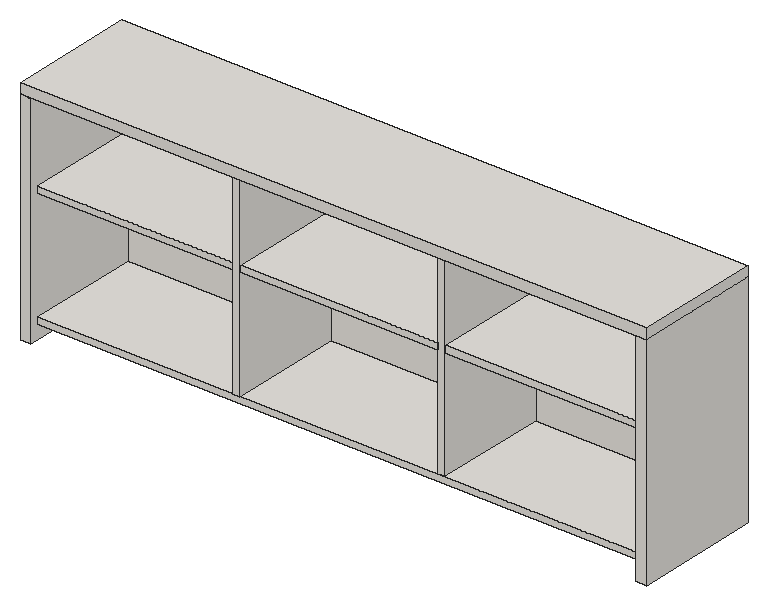
Revit family "Haworth_ASeries_Credenza_2High", category Furniture Systems, Revit 2018
Family settings
  Round Connector Dimension = Use Diameter
  Part Type = Normal
  OmniClass Number = 23.40.70.14.64.21
  OmniClass Title = Systems Furniture
  Work Plane-Based = No
  Always vertical = Yes
  Cut with Voids When Loaded = No
  Shared = No
  Room Calculation Point = No
Parameters (values of type "72w - Open")
  Width = 72"
  Warranty = "http://www.haworth.com/resources/product-info/warranties"
  URL - Product = "https://www.haworth.com/na/en/products/active-storage/a-series.html"
  URL = "www.haworth.com"
  Top Finish = Haworth _ Laminate _ Linen H-WL
  Toe Kick Height = if(Toe Kick Base, 0", 1 3/4")  # 1 3/4"
  Toe Kick Base = no
  Taper Pull = no
  Sustainability Info = "https://www.haworth.com/na/en/expertise/sustainability.html"
  Storage Back = no
  Standard Base = not(Toe Kick Base)  # yes
  Size = "Verify Final Dim. w/ Haworth"  # constant formula
  Shelf Offset = if(Right Panel, 3/4", 1/16")  # 3/4"
  Shelf Finish = Haworth _ Laminate _ Linen H-WL
  Right Shelf Length = Actual Width / 2 - 12 1/8"  # 23 7/8"
  Right Panel = Actual Width > 48"  # yes
  Revision Number = "2"  # constant formula
  Radius Pull = no
  Pull Finish = Haworth _ Metal _ Brushed Aluminum
  Panel Thickness = 1 1/4"  # constant formula
  Panel Center Offset = 12 1/8"  # constant formula
  Open = not(Drawer and Doors)  # yes
  Model = "GCWN"  # constant formula
  Min. Width = 48"  # constant formula
  Middle Shelf Height = if(Drawer and Doors, 16 3/4", 12 3/4")  # 12 3/4"
  Metal Offset = 1/16"  # constant formula
  Max. Width = 72"  # constant formula
  Min. Height = 26 1/2"  # constant formula
  Max. Height = 26 1/2"  # constant formula
  Manufacturer = "Haworth"  # constant formula
  Linear Pull = no
  J Pull = no
  Full Back = not(Storage Back)  # yes
  Front Finish = Haworth _ Laminate _ Linen H-WL
  End Shelf Height = 12 3/4"  # constant formula
  Ellipse Pull = no
  Drawer and Doors = no
  Drawer Width = 24"  # constant formula
  Drawer Height = 6"  # constant formula
  Door Width = 11 15/16"  # constant formula
  Door Offset = 2"  # constant formula
  Door Height = 17 3/16"  # constant formula
  Door Center = if(Actual Width = 48", 13 3/8", Actual Width / 2)  # 36"
  Description = "Haworth - ASeries Credenza - 2-High"  # constant formula
  Custom Size = not(or(Width = 48", Width = 60", Width = 72"))  # no
  Crescent Pull = no
  Classic Pull = not(or(Taper Pull, Radius Pull, Linear Pull, J Pull, Crescent Pull, Ellipse Pull))  # yes
  Base Height = 2 1/2"  # constant formula
  Author = "Haworth (Hampton)"  # constant formula
  Assembly Code = "E2020200"
  Actual Width = if(Width < Min. Width, Min. Width, if(Width > Max. Width, Max. Width, Width))  # 72"
  Actual Height = 26 1/2"  # constant formula
  Min/Max Widths = "48-72 in."  # constant formula
  Actual Depth = 14 5/8"  # constant formula
Types (6): name | Width | Shelf Offset | Right Shelf Length | Right Panel | Open | Middle Shelf Height | Drawer and Doors | Door Center | Actual Width
  72w - Drawer and Doors | 72" | 3/4" | 23 7/8" | yes | no | 16 3/4" | yes | 36" | 72"
  72w - Open | 72" | 3/4" | 23 7/8" | yes | yes | 12 3/4" | no | 36" | 72"
  60w - Drawer and Doors | 60" | 3/4" | 17 7/8" | yes | no | 16 3/4" | yes | 30" | 60"
  60w - Open | 60" | 3/4" | 17 7/8" | yes | yes | 12 3/4" | no | 30" | 60"
  48w - Drawer and Doors | 48" | 1/16" | 11 7/8" | no | no | 16 3/4" | yes | 13 3/8" | 48"
  48w - Open | 48" | 1/16" | 11 7/8" | no | yes | 12 3/4" | no | 13 3/8" | 48"
Reference planes (in)
  plane 1 "Back": y = 0
  plane 2: z = 0
  plane 3 "Center L/R": x = -17.3125
  plane 4 "Left": x = -53.3125
  plane 5 "Right": x = 18.6875
  plane 6 "Back of Drawer": y = -13.875
  plane 7 "Front": y = -14.625
  plane 8 "Top": z = 26.5
  plane 9 "Bottom of Top": z = 25.3125
  plane 10 "Left Leg Inside": x = -52.0625
  plane 11 "Interior Right": x = 17.4375
  plane 12 "Bottom Shelf": z = 15.25
  plane 13 "Top Shelf": z = 16
  plane 14 "Back Interior": y = -0.75
  plane 15 "Bottom Interior": z = 2.5
  plane 16 "Right Inside Interior": x = -5.1875
  plane 17 "Right Inside Exterior": x = -5.9375
  plane 18 "Left Inside Exterior": x = -28.6875
  plane 19 "Left Inside Interior": x = -29.4375
  plane 20 "Drawer Center": x = -17.3125
  plane 21 "Center F/B": y = -7.3125
  plane 22 "Toe Kick Bottom": z = 1.75
  plane 23 "Toe Kick Front": z = 1.75
  plane 24 "Offset 1": y = -13.8125
  plane 25 "Offset 2": z = 2.4375
  plane 26 "Offset 3": y = -0.8125
  plane 27 "Door Bottom": z = 2
  plane 28 "Door Offset Left": x = -17.375
  plane 29 "Door Offset Right": x = -17.25
  plane 30 "Shelf Bottom": z = 15.25
  plane 31 "Shelf Top": z = 16
  plane 32 "Shelf Left": x = -5.1875
Forms (in)
  Extrusion 1, solid, material "Haworth _ Laminate _ Linen H-WL" <- "Shelf Finish", visible <- "Full Back"
    sketch origin (114.68227, -6.06265, 0) x (1, 0, 0) y (0, 1, 0)
      loop
        line (-166.74477, 6.06265) -> (-166.74477, 5.31265) -> (-97.24477, 5.31265) -> (-97.24477, 6.06265) -> (-166.74477, 6.06265)
    from 1.75 to 25.3125
  Extrusion 2, solid, material "Haworth _ Laminate _ Linen H-WL" <- "Top Finish"
    sketch origin (0, 0, 0) x (1, 0, 0) y (0, 1, 0)
      loop
        line (-53.3125, 0) -> (-53.3125, -14.625) -> (18.6875, -14.625) -> (18.6875, 0) -> (-53.3125, 0)
    from 25.3125 to 26.5
  Extrusion 3, solid, material "Haworth _ Laminate _ Linen H-WL" <- "Top Finish"
    sketch origin (114.68227, -6.06265, 0) x (1, 0, 0) y (0, 1, 0)
      loop
        line (-167.99477, -8.56235) -> (-166.74477, -8.56235) -> (-166.74477, 6.06265) -> (-167.99477, 6.06265) -> (-167.99477, -8.56235)
      loop
        line (-95.99477, 6.06265) -> (-97.24477, 6.06265) -> (-97.24477, -8.56235) -> (-95.99477, -8.56235) -> (-95.99477, 6.06265)
    from 0 to 25.3125
  Extrusion 4, solid, material "Haworth _ Laminate _ Linen H-WL" <- "Shelf Finish"
    sketch origin (127.68227, -6.06265, 0) x (1, 0, 0) y (0, 1, 0)
      loop
        line (-156.36977, 5.31265) -> (-157.11977, 5.31265) -> (-157.11977, -7.81235) -> (-156.36977, -7.81235) -> (-156.36977, 5.31265)
    from 2.5 to 25.3125
  Extrusion 5, solid, material "Haworth _ Laminate _ Linen H-WL" <- "Shelf Finish"
    sketch origin (-17.3125, 0, 0) x (0, 1, 0) y (0, 0, 1)
      loop
        line (-13.875, 2.5) -> (-13.875, 1.75) -> (-13.8125, 1.75) -> (-13.8125, 2.4375) -> (-0.8125, 2.4375) -> (-0.8125, 1.75) -> (-0.75, 1.75) -> (-0.75, 2.5) -> (-13.875, 2.5)
    from -34.75 to 34.75
  Extrusion 6, solid, material "Haworth _ Laminate _ Linen H-WL" <- "Shelf Finish", visible <- "Storage Back"
    sketch origin (153.80817, 2.25382, 0) x (1, 0, 0) y (0, 1, 0)
      loop
        line (-183.24567, -2.25382) -> (-183.24567, -3.00382) -> (-158.99567, -3.00382) -> (-158.99567, -2.25382) -> (-183.24567, -2.25382)
    from 1.75 to 25.3125
  Extrusion 7, solid, material "Haworth _ Laminate _ Linen H-WL" <- "Shelf Finish", visible <- "Right Panel"
    sketch origin (0, 0, 0) x (1, 0, 0) y (0, 1, 0)
      loop
        line (-5.9375, -0.75) -> (-5.9375, -13.8125) -> (-5.1875, -13.8125) -> (-5.1875, -0.75) -> (-5.9375, -0.75)
    from 2.5 to 25.3125
  Extrusion 8, solid, material "Haworth _ Laminate _ Linen H-WL" <- "Shelf Finish"
    sketch origin (0, 0, 0) x (1, 0, 0) y (0, 1, 0)
      loop
        line (-28.6875, -0.75) -> (-28.6875, -13.8125) -> (-5.9375, -13.8125) -> (-5.9375, -0.75) -> (-28.6875, -0.75)
    from 15.25 to 16
  Extrusion 9, solid, material "Haworth _ Laminate _ Linen H-WL" <- "Shelf Finish"
    sketch origin (0, 0, 0) x (1, 0, 0) y (0, 1, 0)
      loop
        line (-52.0625, -0.75) -> (-52.0625, -13.8125) -> (-29.4375, -13.8125) -> (-29.4375, -0.75) -> (-52.0625, -0.75)
    from 15.25 to 16
  Extrusion 10, solid, material "Haworth _ Laminate _ Linen H-WL" <- "Shelf Finish", visible <- "Right Panel"
    sketch origin (0, 0, 0) x (1, 0, 0) y (0, 1, 0)
      loop
        line (-5.1875, -0.75) -> (-5.1875, -13.8125) -> (17.4375, -13.8125) -> (17.4375, -0.75) -> (-5.1875, -0.75)
    from 15.25 to 16
Lines and regions (in)
  Masking region 1
    outline origin (0, 0, 0) x (1, 0, 0) y (0, 1, 0)
      loop
        line (-53.3125, 0) -> (-53.3125, -14.625) -> (18.6875, -14.625) -> (18.6875, 0) -> (-53.3125, 0)
  symbolic lines, style "Haworth Hidden", detail levels fine
    curve 1: line (-52.0625, 0, 0) -> (-52.0625, -14.625, 0)
    curve 2: line (17.4375, -14.625, 0) -> (17.4375, 0, 0)
    curve 3: line (17.4375, -0.8125, 0) -> (-52.0625, -0.8125, 0)
    curve 4: line (-29.4375, -0.8125, 0) -> (-29.4375, -14.625, 0)
    curve 5: line (-28.6875, -0.8125, 0) -> (-28.6875, -14.625, 0)
  symbolic lines, style "Haworth Hidden", visible <- "Right Panel", detail levels fine
    curve 6: line (-5.9375, -0.8125, 0) -> (-5.9375, -14.625, 0)
    curve 7: line (-5.1875, -0.8125, 0) -> (-5.1875, -14.625, 0)
Dimensions and locks (in)
  locked: plane 6 "Back of Drawer" to plane 7 "Front" at 0.75
  "Actual Depth": plane 1 "Back" to plane 7 "Front"
  "Actual Width": plane 4 "Left" to plane 5 "Right"
  locked: plane 8 "Top" to plane 9 "Bottom of Top" at 1.1875
  equal spacing: plane 4 "Left", plane 3 "Center L/R", plane 5 "Right"
  "Actual Height": plane 8 "Top" to level
  "Panel Thickness": plane 10 "Left Leg Inside" to plane 4 "Left"
  "Panel Thickness": plane 5 "Right" to plane 11 "Interior Right"
  locked: plane 13 "Top Shelf" to plane 12 "Bottom Shelf" at 0.75
  plane 14 "Back Interior" to plane 1 "Back" = 3/4"
  "Middle Shelf Height": plane 12 "Bottom Shelf" to plane 15 "Bottom Interior"
  locked: plane 18 "Left Inside Exterior" to plane 19 "Left Inside Interior" at 0.75
  "Shelf Offset": plane 16 "Right Inside Interior" to plane 17 "Right Inside Exterior"
  "Door Center": plane 5 "Right" to plane 20 "Drawer Center"
  equal spacing: plane 1 "Back", plane 21 "Center F/B", plane 7 "Front"
  plane 22 "Toe Kick Bottom" to level = 1 3/4"
  "Toe Kick Height": plane 23 "Toe Kick Front" to level
  "Metal Offset": plane 6 "Back of Drawer" to plane 24 "Offset 1"
  "Metal Offset": plane 15 "Bottom Interior" to plane 25 "Offset 2"
  "Metal Offset": plane 26 "Offset 3" to plane 14 "Back Interior"
  "Base Height": plane 15 "Bottom Interior" to level
  "Door Offset": plane 27 "Door Bottom" to level
  "Metal Offset": plane 20 "Drawer Center" to plane 28 "Door Offset Left"
  "Metal Offset": plane 29 "Door Offset Right" to plane 20 "Drawer Center"
  "Panel Center Offset": plane 20 "Drawer Center" to plane 19 "Left Inside Interior"
  "Panel Center Offset": plane 16 "Right Inside Interior" to plane 20 "Drawer Center"
  "End Shelf Height": plane 30 "Shelf Bottom" to plane 15 "Bottom Interior"
  locked: plane 31 "Shelf Top" to plane 30 "Shelf Bottom" at 0.75
  "Panel Center Offset": plane 32 "Shelf Left" to plane 3 "Center L/R"
  aligned and locked: plane 1 "Back" to Extrusion 1 sketch curve
  aligned: Extrusion 1 to plane 4 "Left"
  aligned: Extrusion 1 to plane 5 "Right"
  aligned and locked: plane 9 "Bottom of Top" to Extrusion 1
  aligned and locked: plane 4 "Left" to Extrusion 2 sketch curve
  aligned and locked: plane 1 "Back" to Extrusion 2 sketch curve
  aligned and locked: plane 5 "Right" to Extrusion 2 sketch curve
  aligned and locked: plane 7 "Front" to Extrusion 2 sketch curve
  aligned and locked: plane 8 "Top" to Extrusion 2
  aligned and locked: Extrusion 2 to plane 9 "Bottom of Top"
  aligned and locked: level to plane 2
  aligned and locked: Extrusion 1 sketch curve to plane 10 "Left Leg Inside"
  aligned and locked: Extrusion 1 sketch curve to plane 11 "Interior Right"
  aligned and locked: Extrusion 3 sketch curve to plane 1 "Back"
  aligned and locked: Extrusion 3 sketch curve to plane 7 "Front"  (x2)
  aligned and locked: Extrusion 3 sketch curve to plane 10 "Left Leg Inside"
  aligned and locked: Extrusion 3 sketch curve to plane 11 "Interior Right"
  aligned and locked: Extrusion 3 to level
  aligned: nested 1 to plane 7 "Front"
  aligned: plane 17 "Right Inside Exterior" to nested 1
  aligned and locked: nested 1 to plane 6 "Back of Drawer"
  aligned and locked: plane 9 "Bottom of Top" to nested 1
  aligned: plane 11 "Interior Right" to nested 2
  aligned: plane 17 "Right Inside Exterior" to nested 3
  aligned and locked: nested 3 to plane 6 "Back of Drawer"
  aligned and locked: Extrusion 4 to plane 19 "Left Inside Interior"
  aligned and locked: plane 18 "Left Inside Exterior" to Extrusion 4
  aligned: plane 3 "Center L/R" to nested 1
  aligned: plane 3 "Center L/R" to nested 3
  aligned: plane 3 "Center L/R" to nested 2
  aligned and locked: plane 20 "Drawer Center" to nested 1
  aligned and locked: Extrusion 5 sketch curve to plane 23 "Toe Kick Front"
  aligned and locked: Extrusion 5 sketch curve to plane 22 "Toe Kick Bottom"
  aligned and locked: Extrusion 5 sketch curve to plane 26 "Offset 3"
  aligned and locked: Extrusion 5 sketch curve to plane 14 "Back Interior"
  aligned and locked: Extrusion 5 sketch curve to plane 25 "Offset 2"
  aligned and locked: plane 15 "Bottom Interior" to Extrusion 5 sketch curve
  aligned and locked: Extrusion 5 sketch curve to plane 24 "Offset 1"
  aligned and locked: Extrusion 5 sketch curve to plane 6 "Back of Drawer"
  aligned and locked: Extrusion 5 to plane 10 "Left Leg Inside"
  aligned and locked: plane 11 "Interior Right" to Extrusion 5
  aligned and locked: plane 28 "Door Offset Left" to nested 3
  aligned and locked: nested 2 to plane 29 "Door Offset Right"
  aligned and locked: nested 2 to plane 27 "Door Bottom"
  aligned and locked: Extrusion 1 to plane 22 "Toe Kick Bottom"
  aligned and locked: plane 14 "Back Interior" to Extrusion 6
  aligned and locked: Extrusion 6 to plane 1 "Back"
  aligned and locked: Extrusion 6 to plane 19 "Left Inside Interior"
  aligned and locked: Extrusion 7 sketch curve to plane 24 "Offset 1"
  aligned and locked: plane 14 "Back Interior" to Extrusion 7 sketch curve
  aligned and locked: Extrusion 7 sketch curve to plane 16 "Right Inside Interior"
  aligned and locked: plane 17 "Right Inside Exterior" to Extrusion 7 sketch curve
  aligned and locked: plane 9 "Bottom of Top" to Extrusion 7
  aligned and locked: Extrusion 7 to plane 15 "Bottom Interior"
  aligned and locked: plane 16 "Right Inside Interior" to Extrusion 6
  aligned and locked: plane 18 "Left Inside Exterior" to Extrusion 8 sketch curve
  aligned and locked: Extrusion 8 sketch curve to plane 17 "Right Inside Exterior"
  aligned and locked: plane 14 "Back Interior" to Extrusion 8 sketch curve
  aligned and locked: Extrusion 8 sketch curve to plane 24 "Offset 1"
  aligned and locked: Extrusion 8 to plane 13 "Top Shelf"
  aligned and locked: plane 12 "Bottom Shelf" to Extrusion 8
  aligned and locked: plane 10 "Left Leg Inside" to Extrusion 9 sketch curve
  aligned and locked: Extrusion 9 sketch curve to plane 19 "Left Inside Interior"
  aligned and locked: Extrusion 9 sketch curve to plane 24 "Offset 1"
  aligned and locked: plane 14 "Back Interior" to Extrusion 9 sketch curve
  aligned and locked: nested 2 to Extrusion 9
  aligned and locked: Extrusion 9 to plane 30 "Shelf Bottom"
  aligned and locked: Extrusion 10 sketch curve to plane 32 "Shelf Left"
  aligned and locked: Extrusion 10 sketch curve to plane 11 "Interior Right"
  aligned and locked: Extrusion 10 sketch curve to plane 24 "Offset 1"
  aligned and locked: plane 14 "Back Interior" to Extrusion 10 sketch curve
  aligned and locked: Extrusion 10 to nested 2
  aligned and locked: Extrusion 10 to plane 30 "Shelf Bottom"
  aligned and locked: Extrusion 3 to plane 4 "Left"
  aligned and locked: Extrusion 3 to plane 5 "Right"
  aligned and locked: Extrusion 1 to Extrusion 6  (x2)
Automatic sketch dimensions
  plane 14 "Back Interior" to Extrusion 1 sketch curve = 0"
  Extrusion 3 sketch curve to plane 4 "Left" = 0"
  Extrusion 3 sketch curve to plane 5 "Right" = 0"
  plane 1 "Back" to Extrusion 3 sketch curve = 0"
  Extrusion 4 sketch curve to plane 6 "Back of Drawer" = 0"
  Extrusion 4 sketch curve to plane 19 "Left Inside Interior" = 0"
  Extrusion 4 sketch curve to plane 18 "Left Inside Exterior" = 0"
  plane 14 "Back Interior" to Extrusion 4 sketch curve = 0"
  plane 29 "Door Offset Right" to Extrusion 6 sketch curve = 12 3/16"
  plane 1 "Back" to Extrusion 6 sketch curve = 3/4"
  plane 5 "Right" to Extrusion 6 sketch curve = 23 7/8"
  Extrusion 6 sketch curve to Extrusion 6 sketch curve = 3/4"
  curve 1 to plane 7 "Front" = 0"
  curve 1 to plane 10 "Left Leg Inside" = 0"
  curve 4 to plane 19 "Left Inside Interior" = 0"
  curve 5 to plane 18 "Left Inside Exterior" = 0"
  curve 6 to plane 7 "Front" = 0"
  curve 6 to plane 17 "Right Inside Exterior" = 0"
  curve 7 to plane 7 "Front" = 0"
  curve 7 to plane 16 "Right Inside Interior" = 0"
  plane 1 "Back" to curve 2 = 0"
  curve 2 to plane 11 "Interior Right" = 0"
  curve 4 to plane 7 "Front" = 0"
  plane 7 "Front" to curve 2 = 0"
  curve 5 to plane 7 "Front" = 0"
  curve 7 to plane 26 "Offset 3" = 0"
  plane 1 "Back" to curve 1 = 0"
  Masking region 1 sketch curve to plane 4 "Left" = 0"
  Masking region 1 sketch curve to plane 5 "Right" = 0"
  Masking region 1 sketch curve to plane 7 "Front" = 0"
  plane 1 "Back" to Masking region 1 sketch curve = 0"
Nested families (in)
  nested 1: "Haworth_Drawer" at (-17.3125, -13.875, 19.3125), Drawer Height <- "Drawer Height", visible <- "Drawer and Doors", type "Haworth_Drawer"
    with J Pull Drawer no, Drawer Height 6", Drawer Width 24"
  nested 2: "Haworth_Door-Panel_Swing" at (-12.46145, -14.21976, 2), visible <- "Drawer and Doors", type "Door"
  nested 3: "Haworth_Door-Panel_Swing" at (-22.16355, -14.21976, 2) x (-1, 0, 0) z (0, 0, 1), visible <- "Drawer and Doors", type "Door"
Definition of nested family "Haworth_Drawer"
  Parameters
    Pull Taper = no
    Pull Radius = no
    Pull Patterns = no
    Pull Linear = no
    Pull Height = if(Pull Ellipse, 11/64", if(Pull Radius, 1 3/16", if(Pull Taper, 3/4", 1 7/16")))  # 1 7/16"
    Pull Finish = none
    Pull Ellipse = no
    Pull Crescent = no
    Pull Classic = yes
    J Pull Drawer [instance] = J Pull  # no
    J Pull = no
    Integral Pull Location = if(Integral Pull, 3 5/8", 1")  # 1"
    Integral Pull = no
    Front Finish = none
    Drawer Width = 36"
    Flush Drawer = not(J Pull)  # yes
    Drawer Height [instance] = 12"
    Drawer Finish = none
    Assembly Code = ""
  Reference planes (in)
    plane 1 "Drawer Back": y = 0
    plane 2: z = 0
    plane 3 "Center L/R": x = 0
    plane 4 "Drawer Front": y = -0.75
    plane 5 "Left": x = -18
    plane 6 "Right": x = 18
    plane 7 "Top": z = 12
    plane 8: y = -4
    plane 9: y = -3
    plane 10 "Integral Top": z = 10.28125
    plane 11 "Pull Location": z = 10.5625
    plane 12 "Integral Bottom": z = 10.84375
  Forms (in)
    Extrusion 1, solid, material <- "Drawer Finish", visible <- "J Pull Drawer"
      sketch origin (-18, 0, 0) x (0, 1, 0) y (0, 0, 1)
        loop
          line (0, 12) -> (-0.25, 12) -> (-0.25, 11.4375) -> (-0.75, 11.4375) -> (-0.75, 0) -> (0, 0) -> (0, 12)
      from 0 to 36
    Extrusion 2, solid, material <- "Drawer Finish", visible <- "Flush Drawer"
      sketch origin (-18, 0, 2.25) x (0, 1, 0) y (0, 0, 1)
        loop
          line (0, 9.75) -> (-0.75, 9.75) -> (-0.75, -2.25) -> (0, -2.25) -> (0, 9.75)
      from 0 to 36
    Extrusion 3, void
      sketch origin (0, -0.75, 0) x (-1, 0, 0) y (0, 0, 1)
        loop
          line (4, 10.28125) -> (4, 10.84375) -> (-4, 10.84375) -> (-4, 10.28125) -> (4, 10.28125)
      from -3.25 to -2.25
  Cuts and joins
    Extrusion 3 cuts Extrusion 1
    Extrusion 3 cuts Extrusion 2
  Lines and regions (in)
    symbolic lines, detail levels medium+fine
      curve 1: line (-3.375, -2, 0) -> (3.375, -2, 0)
  Dimensions and locks (in)
    equal spacing: plane 5 "Left", plane 3 "Center L/R", plane 6 "Right"
    "Drawer Width": plane 5 "Left" to plane 6 "Right"
    locked: plane 1 "Drawer Back" to plane 4 "Drawer Front" at 0.75
    "Drawer Height": plane 7 "Top" to level
    locked: plane 8 to plane 1 "Drawer Back" at 4
    "Integral Pull Location": plane 8 to plane 9
    equal spacing: Extrusion 3 sketch curve, plane 3 "Center L/R", Extrusion 3 sketch curve
    locked: Extrusion 3 sketch curve to Extrusion 3 sketch curve at 8
    "Pull Height": plane 7 "Top" to plane 11 "Pull Location"
    equal spacing: plane 12 "Integral Bottom", plane 11 "Pull Location", plane 10 "Integral Top"
    locked: plane 12 "Integral Bottom" to plane 10 "Integral Top" at 0.5625
    aligned and locked: Extrusion 1 sketch curve to plane 1 "Drawer Back"
    aligned and locked: Extrusion 1 sketch curve to plane 2
    aligned and locked: Extrusion 1 sketch curve to plane 4 "Drawer Front"
    aligned and locked: Extrusion 1 to plane 6 "Right"
    aligned and locked: Extrusion 2 to plane 6 "Right"
    aligned and locked: plane 1 "Drawer Back" to Extrusion 2 sketch curve
    aligned and locked: plane 7 "Top" to Extrusion 2 sketch curve
    aligned and locked: level to Extrusion 2 sketch curve
    aligned and locked: Extrusion 2 sketch curve to plane 4 "Drawer Front"
    aligned: plane 7 "Top" to nested 1
    aligned: Extrusion 3 to plane 8
    aligned: plane 9 to Extrusion 3
    aligned and locked: nested 1 to plane 4 "Drawer Front"
    aligned and locked: plane 12 "Integral Bottom" to Extrusion 3 sketch curve
    aligned and locked: nested 1 to plane 11 "Pull Location"
    aligned and locked: plane 3 "Center L/R" to nested 1
    aligned and locked: plane 9 to Extrusion 3
  Automatic sketch dimensions
    Extrusion 1 sketch curve to plane 7 "Top" = 0"
    plane 1 "Drawer Back" to Extrusion 1 sketch curve = 1/4"
    Extrusion 1 sketch curve to Extrusion 1 sketch curve = 9/16"
    Extrusion 3 sketch curve to plane 10 "Integral Top" = 0"
    plane 9 to curve 1 = 1"
    curve 1 to plane 3 "Center L/R" = 3 3/8"
    plane 3 "Center L/R" to curve 1 = 3 3/8"
  Nested families (in)
    nested 1: "Haworth_Drawer-Pulls" at (0, -0.75, 10.5625), type "Pull", detail levels medium+fine
      with Linear no, Classic yes
  Definition of nested family "Haworth_Drawer-Pulls"
    Parameters
      Taper = no
      Radius = no
      Patterns = no
      Linear = yes
      Handle Finish = none
      Ellipse = no
      Cresent = no
      Classic = no
      Assembly Code = ""
    Reference planes (in)
      plane 1 "Center Front/Back": y = 0
      plane 2: z = 0
      plane 3 "Center Left/Right": x = 0
    Forms (in)
      Extrusion 1, solid, material <- "Handle Finish", visible <- "Ellipse"
        sketch origin (0, 0, 0.15915) x (0, 1, 0) y (0, 0, 1)
          loop
            arc (-0.03015, 0) -> (-0.26713, -0.02983) -> (-0.49038, -0.11475) r 1.00501
            arc (-0.49038, -0.11475) -> (-0.65216, -0.22112) -> (-0.78985, -0.35725) r 0.97894
            arc (-0.78985, -0.35725) -> (-0.87314, -0.47263) -> (-0.94033, -0.59807) r 1.0667
            arc (-0.94033, -0.59807) -> (-0.90977, -0.66145) -> (-0.84562, -0.63254) r 0.05041
            arc (-0.84562, -0.63254) -> (-0.67669, -0.39049) -> (-0.44702, -0.20509) r 1.04885
            arc (-0.44702, -0.20509) -> (-0.35012, -0.16094) -> (-0.24858, -0.12892) r 0.8735
            arc (-0.24858, -0.12892) -> (-0.16053, -0.15188) -> (-0.11419, -0.23018) r 0.11948
            arc (-0.11419, -0.23018) -> (-0.0664, -0.27738) -> (0, -0.26729) r 0.07488
            line (0, -0.26729) -> (0, -0.05102) -> (-0.03015, 0)
        from -6.51863 to 6.51698
      Extrusion 2, void
        sketch origin (0, 0, 0.15915) x (1, 0, 0) y (0, 1, 0)
          loop
            line (-6.49996, 0) -> (-6.67266, 0) -> (-6.67266, -1.11616) -> (6.67266, -1.11616) -> (6.67266, 0) -> (6.49996, 0)
            arc (6.49996, 0) -> (6.46575, -0.17809) -> (6.37201, -0.33332) r 0.51574
            arc (6.37201, -0.33332) -> (6.23583, -0.44508) -> (6.07096, -0.50713) r 0.54076
            arc (6.07096, -0.50713) -> (4.5721, -0.7479) -> (3.05951, -0.87689) r 20.46435
            arc (3.05951, -0.87689) -> (0, -0.95029) -> (-3.05951, -0.87689) r 63.79827
            arc (-3.05951, -0.87689) -> (-4.5721, -0.7479) -> (-6.07096, -0.50713) r 20.46435
            arc (-6.07096, -0.50713) -> (-6.23583, -0.44508) -> (-6.37201, -0.33332) r 0.54076
            arc (-6.37201, -0.33332) -> (-6.46575, -0.17809) -> (-6.49996, 0) r 0.51574
        from 0 to -0.90865
      Blend 3, solid, material <- "Handle Finish", visible <- "Radius"
        base sketch origin (0, 0, 0.3125) x (0, 1, 0) y (0, 0, -1)
          loop
            line (0, 0) -> (0, 0.625) -> (-0.40339, 0.625)
            arc (-0.40339, 0.625) -> (-0.71589, 0.3125) -> (-0.40339, 0) r 0.3125
            line (-0.40339, 0) -> (0, 0)
        top sketch origin (0, 0, 0.3125) x (0, 1, 0) y (0, 0, -1)
          loop
            line (0, 0) -> (0, 0.625) -> (-0.77884, 0.625)
            arc (-0.77884, 0.625) -> (-1.09134, 0.3125) -> (-0.77884, 0) r 0.3125
            line (-0.77884, 0) -> (0, 0)
        from -4.875 to -3.625
      Sweep 4, solid, material <- "Handle Finish", visible <- "Radius"
        path origin (0, 0, 0) x (1, 0, 0) y (0, 1, 0)
          loop
            arc (-4.875, -0.71589) -> (0, -1.5425) -> (4.875, -0.71589) r 14.78881
        profile origin (0, -1.5425, 0) x (0, 1, 0) y (0, 0, 1)
          loop
            circle (0.3125, 0) r 0.30469
      Extrusion 5, solid, material <- "Handle Finish", visible <- "Taper"
        sketch origin (0, 0, 0.27281) x (0, 1, 0) y (0, 0, 1)
          loop
            line (0, 0) -> (-0.875, 0)
            arc (-0.875, 0) -> (-0.96339, -0.03661) -> (-1, -0.125) r 0.125
            line (-1, -0.125) -> (-1, -0.7) -> (-0.96886, -0.7) -> (-0.96886, -0.1251)
            arc (-0.96886, -0.1251) -> (-0.94137, -0.05874) -> (-0.875, -0.03125) r 0.09386
            line (-0.875, -0.03125) -> (-0.03125, -0.03125) -> (-0.03125, -0.53) -> (0, -0.53) -> (0, 0)
        from -6.5565 to 6.5565
      Extrusion 6, void
        sketch origin (0, 0, 0.27281) x (1, 0, 0) y (0, 0, 1)
          loop
            arc (-5.23353, -0.7191) -> (-5.99714, -0.52453) -> (-6.57454, 0.01172) r 1.59575
            line (-6.57454, 0.01172) -> (-6.85981, 0.01172) -> (-6.85981, -1) -> (6.85981, -1) -> (6.85981, 0.01172) -> (6.57454, 0.01172)
            arc (6.57454, 0.01172) -> (5.99714, -0.52453) -> (5.23353, -0.7191) r 1.59575
            line (5.23353, -0.7191) -> (-5.23353, -0.7191)
        from 0 to 2.20115
      Sweep 7, solid, material <- "Handle Finish", visible <- "Cresent"
        path origin (0, 0, 0.125) x (1, 0, 0) y (0, 1, 0)
          loop
            arc (-3.80272, 0.04) -> (0, -1.24998) -> (3.80273, 0.04) r 6.25
        profile origin (0, -1.24998, 0.125) x (0, 1, 0) y (0, 0, 1)
          loop
            circle (0.125, -0.125) r 0.125
      Extrusion 8, void
        sketch origin (0, 0, 0.125) x (1, 0, 0) y (0, 1, 0)
          loop
            line (-3.94545, 0) -> (3.94399, 0) -> (3.94399, 0.32073) -> (-3.94545, 0.32073) -> (-3.94545, 0)
        from 0.03472 to -0.28458
      Extrusion 9, solid, material <- "Handle Finish", visible <- "Linear"
        sketch origin (0, 0, 0.125) x (1, 0, 0) y (0, 1, 0)
          loop
            line (-4, 0) -> (-4, -1.25) -> (4, -1.25) -> (4, 0) -> (3, 0) -> (3, -1) -> (-3, -1) -> (-3, 0) -> (-4, 0)
        from 0 to -0.25
      Extrusion 10, solid, material <- "Handle Finish", visible <- "Classic"
        sketch origin (0, 0, 0.375) x (1, 0, 0) y (0, 0, 1)
          loop
            line (-3.375, 0) -> (-3.375, -0.75)
            arc (-3.375, -0.75) -> (-3, -0.375) -> (-3.375, 0) r 0.375
        from 0 to 1
      Extrusion 11, solid, material <- "Handle Finish", visible <- "Classic"
        sketch origin (0, 0, 0.375) x (-1, 0, 0) y (0, 0, -1)
          loop
            arc (-3.375, 0) -> (-3, 0.375) -> (-3.375, 0.75) r 0.375
            line (-3.375, 0.75) -> (-3.375, 0)
        from 0 to 1
      Extrusion 12, solid, material <- "Handle Finish", visible <- "Classic"
        sketch origin (0, 0, 0.375) x (1, 0, 0) y (0, 0, 1)
          loop
            line (-3.375, 0) -> (-3.375, -0.75) -> (3.375, -0.75) -> (3.375, 0) -> (-3.375, 0)
        from 1 to 1.25
      Blend 13, solid, material <- "Handle Finish", visible <- "Radius"
        base sketch origin (0, 0, 0.3125) x (0, 1, 0) y (0, 0, 1)
          loop
            line (0, 0) -> (-0.40339, 0)
            arc (-0.40339, 0) -> (-0.71589, -0.3125) -> (-0.40339, -0.625) r 0.3125
            line (-0.40339, -0.625) -> (0, -0.625) -> (0, 0)
        top sketch origin (0, 0, 0.3125) x (0, 1, 0) y (0, 0, 1)
          loop
            line (0, 0) -> (-0.77884, 0)
            arc (-0.77884, 0) -> (-1.09134, -0.3125) -> (-0.77884, -0.625) r 0.3125
            line (-0.77884, -0.625) -> (0, -0.625) -> (0, 0)
        from -4.875 to -3.625
      Extrusion 14, solid, material <- "Handle Finish", visible <- "Patterns"
        sketch origin (0, 0, 0.27281) x (0, 1, 0) y (0, 0, 1)
          loop
            line (0, 0) -> (-0.875, 0)
            arc (-0.875, 0) -> (-0.96339, -0.03661) -> (-1, -0.125) r 0.125
            line (-1, -0.125) -> (-1, -0.7) -> (-0.96886, -0.7) -> (-0.96886, -0.1251)
            arc (-0.96886, -0.1251) -> (-0.94137, -0.05874) -> (-0.875, -0.03125) r 0.09386
            line (-0.875, -0.03125) -> (-0.03125, -0.03125) -> (-0.03125, -0.53) -> (0, -0.53) -> (0, 0)
        from -4 to 4
    Cuts and joins
      Extrusion 2 cuts Extrusion 1
      joined: Extrusion 10, Extrusion 11, Extrusion 12
      Extrusion 6 cuts Extrusion 5
      Extrusion 8 cuts Sweep 7
      joined: Blend 3, Sweep 4, Blend 13
Definition of nested family "Haworth_Door-Panel_Swing"
  Parameters
    URL = "www.haworth.com"
    Revision Number = "1"  # constant formula
    Revision Date = ""
    Pull Offset = 1 1/2"
    Linear Pull = no
    Finger Pull Location = if(Finger Pull, Door Height + 1/4", 0.15")  # 0.15"
    Finger Pull = no
    Door Pull Location = 1"
    Door Pull Length = 8"
    Door Pull Finish = none
    Bar Pull = no
    Classic Pull = no
    Assembly Code = ""
    Pull Offset Centerline = 3"
    Pull Height Centerline = 14"
    Door Width = 11 15/16"
    Door Height = 17 3/16"
    Door Finish = none
    Door Depth = 3/4"
    Manufacturer = "Haworth"  # constant formula
    Author = "SHAPE Environments, LLC"  # constant formula
  Reference planes (in)
    plane 1 "Center F/B": y = -0.03024
    plane 2: z = 0
    plane 3 "Center L/R": x = 1.1802
    plane 4 "Left": x = -4.78855
    plane 5 "Right": x = 7.14895
    plane 6 "Back": y = 0.34476
    plane 7 "Front": y = -0.40524
    plane 8 "Top": z = 17.1875
    plane 9 "Pull Offset": x = -1.78855
    plane 10 "Pull Height": z = 14
    plane 11 "Door Pull Front": y = -0.53024
    plane 12 "Door Pull Back": y = 0.46976
    plane 13 "Finger Pull Top": z = -0.1
    plane 14 "Finger Pull Bottom": z = -0.25
  Forms (in)
    Extrusion 1, solid, material <- "Door Finish"
      sketch origin (0, -0.03024, 0) x (1, 0, 0) y (0, 0, 1)
        loop
          line (-4.78855, 17.1875) -> (-4.78855, 0) -> (7.14895, 0) -> (7.14895, 17.1875) -> (-4.78855, 17.1875)
      from -0.375 to 0.375
    Extrusion 2, void
      sketch origin (0, 0, 0) x (1, 0, 0) y (0, 1, 0)
        loop
          line (-4.78855, -0.40524) -> (-4.18793, -0.40524)
          arc (-4.18793, -0.40524) -> (-4.28855, -0.30462) -> (-4.18793, -0.204) r 0.10062
          line (-4.18793, -0.204) -> (-3.78855, -0.204)
          arc (-3.78855, -0.204) -> (-3.58917, -0.00462) -> (-3.78855, 0.19476) r 0.19938
          line (-3.78855, 0.19476) -> (-4.78855, 0.19476) -> (-4.78855, -0.40524)
      from -0.25 to -0.1
  Cuts and joins
    Extrusion 2 cuts Extrusion 1
  Lines and regions (in)
    Masking region 1
      outline origin (0, 0, 0) x (1, 0, 0) y (0, 1, 0)
        loop
          line (-4.78855, 0.34476) -> (-4.78855, -0.40524) -> (7.14895, -0.40524) -> (7.14895, 0.34476) -> (-4.78855, 0.34476)
    symbolic lines, detail levels fine
      curve 1: line (-4.78855, -0.40524, 17.1875) -> (7.14895, -0.40524, 8.59375)
      curve 2: line (7.14895, -0.40524, 8.59375) -> (-4.78855, -0.40524, 0)
    symbolic lines, detail levels medium+fine
      curve 3: line (7.14895, -0.53024, 0) -> (-3.71771, -3.44195, 0)
  Dimensions and locks (in)
    "Door Height": plane 8 "Top" to level
    equal spacing: plane 6 "Back", plane 1 "Center F/B", plane 7 "Front"
    "Door Depth": plane 6 "Back" to plane 7 "Front"
    equal spacing: plane 4 "Left", plane 3 "Center L/R", plane 5 "Right"
    "Door Width": plane 4 "Left" to plane 5 "Right"
    "Pull Offset Centerline": plane 9 "Pull Offset" to plane 4 "Left"
    "Pull Height Centerline": plane 10 "Pull Height" to level
    equal spacing: plane 8 "Top", curve 2, plane 2
    equal spacing: plane 11 "Door Pull Front", plane 1 "Center F/B", plane 12 "Door Pull Back"
    "Door Pull Location": plane 11 "Door Pull Front" to plane 12 "Door Pull Back"
    "Finger Pull Location": plane 13 "Finger Pull Top" to plane 14 "Finger Pull Bottom"
    locked: plane 2 to plane 14 "Finger Pull Bottom" at 0.25
    aligned and locked: plane 4 "Left" to Extrusion 1 sketch curve
    aligned and locked: Extrusion 1 sketch curve to plane 5 "Right"
    aligned and locked: Extrusion 1 sketch curve to plane 8 "Top"
    aligned and locked: level to Extrusion 1 sketch curve
    aligned and locked: plane 6 "Back" to Extrusion 1
    aligned and locked: Extrusion 1 to plane 7 "Front"
    aligned and locked: plane 9 "Pull Offset" to nested 1
    aligned and locked: plane 10 "Pull Height" to nested 1
    aligned: nested 1 to plane 7 "Front"
    aligned: nested 2 to plane 6 "Back"
    aligned and locked: nested 2 to plane 9 "Pull Offset"
    aligned and locked: nested 2 to plane 10 "Pull Height"
    aligned and locked: nested 1 to plane 11 "Door Pull Front"
    aligned and locked: nested 2 to plane 12 "Door Pull Back"
    aligned and locked: Extrusion 1 to plane 4 "Left"
    aligned and locked: Extrusion 2 to plane 14 "Finger Pull Bottom"
    aligned and locked: plane 13 "Finger Pull Top" to Extrusion 2
  Automatic sketch dimensions
    Masking region 1 sketch curve to plane 5 "Right" = 0"
    curve 1 to plane 5 "Right" = 0"
    curve 1 to plane 4 "Left" = 0"
    curve 2 to level = 0"
    curve 2 to plane 4 "Left" = 0"
    curve 1 to plane 8 "Top" = 0"
    Masking region 1 sketch curve to plane 4 "Left" = 0"
    Masking region 1 sketch curve to plane 7 "Front" = 0"
    Masking region 1 sketch curve to plane 6 "Back" = 0"
    Extrusion 2 sketch curve to plane 4 "Left" = 0"
    Extrusion 2 sketch curve to plane 7 "Front" = 0"
    plane 4 "Left" to Extrusion 2 sketch curve = 0.60062"
    Extrusion 2 sketch curve to Extrusion 2 sketch curve = 0.39938"
    Extrusion 2 sketch curve to Extrusion 2 sketch curve = 0.10062"
    Extrusion 2 sketch curve to plane 1 "Center F/B" = 0.02562"
    curve 3 to plane 5 "Right" = 0"
    curve 3 to plane 11 "Door Pull Front" = 0"
    plane 4 "Left" to curve 3 = 1.07083"
    curve 3 to plane 11 "Door Pull Front" = 2.91171"
  Nested families (in)
    nested 1: "Haworth_Door-Pulls" at (-0.5054, -0.5, 14), type "Pull", detail levels medium+fine
      with Pull Depth 8", Bar Pull no
    nested 2: "Haworth_Door-Pulls" at (-0.5054, 0.43953, 14), type "Pull", detail levels medium+fine
      with Pull Depth 8", Bar Pull no
